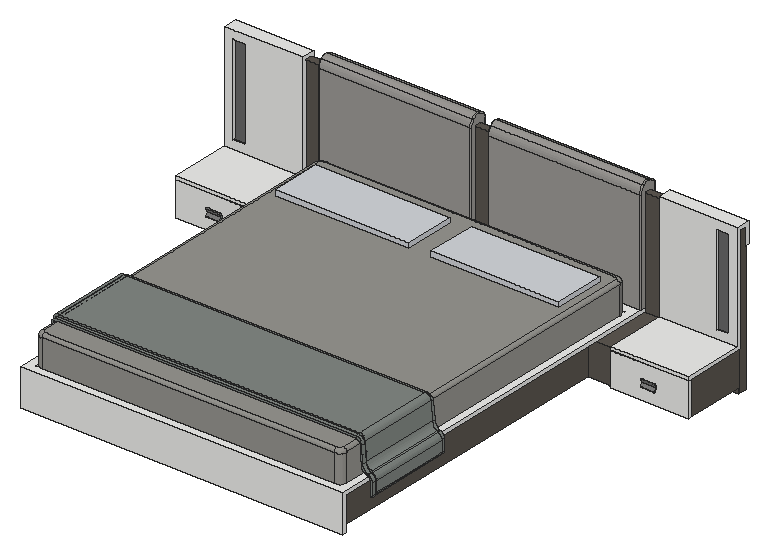
Revit family "King_Bed_Set", category Furniture, Revit 2021
Family settings
  OmniClass Number = 23.40.20.00
  OmniClass Title = General Furniture and Specialties
  Work Plane-Based = No
  Always vertical = Yes
  Cut with Voids When Loaded = No
  Shared = No
  Room Calculation Point = No
Parameters
  Default Elevation = 0.00 cm
Reference planes (cm)
  plane 1 "Center (Front/Back)": y = 0
  plane 2: z = 0
  plane 3 "Center (Left/Right)": x = 0
Forms (cm)
  Extrusion 1, solid, material "1 WOOD"
    sketch origin (-83.7652, -95.25, 55.18) x (0, 0, -1) y (1, 0, 0)
      loop
        line (55.18, 234.7652) -> (-30.82, 234.7652) -> (-30.82, -67.2348) -> (55.18, -67.2348) -> (55.18, 234.7652)
    from -177.0791 to -173.0791
  Extrusion 2, solid, material "1 WOOD"
    sketch origin (-118.7252, 81.8291, 55.18) x (0, 0, -1) y (1, 0, 0)
      loop
        line (55.18, -32.2748) -> (55.18, 28.2252) -> (32.18, 28.2252) -> (32.18, -32.2748) -> (55.18, -32.2748)
      loop
        line (50.18, -31.2748) -> (50.18, 8.7252) -> (33.18, 8.7252) -> (33.18, -31.2748) -> (50.18, -31.2748)
    from 4 to 40
  Extrusion 3, solid, material "1 WOOD"
    sketch origin (-83.7652, 81.8291, 70.1) x (0, 0, -1) y (1, 0, 0)
      loop
        line (47.1, -6.2348) -> (67.1, -6.2348) -> (67.1, 173.7652) -> (47.1, 173.7652) -> (47.1, -6.2348)
    from 4 to 224.3343
  Extrusion 4, solid, material "1 WHITE WOOD"
    sketch origin (-90, 76.8291, 42.86) x (0, 0, -1) y (0, -1, 0)
      loop
        line (39.86, 221.3343) -> (17.86, 221.3343) -> (17.86, -1) -> (19.86, -1) -> (19.86, 219.3343) -> (39.86, 219.3343) -> (39.86, 221.3343)
    from -185 to 5
  Extrusion 5, void
    sketch origin (-83.7652, 81.8291, 52.24) x (0, 0, -1) y (1, 0, 0)
      loop
        line (27.24, -6.2348) -> (29.38, -6.2348) -> (29.38, 173.7652) -> (27.24, 173.7652) -> (27.24, -6.2348)
    from 12.4621 to 221.3343
  Extrusion 6, solid, material "1 cover 2"
    sketch origin (-51.5, 81.8291, 43) x (-1, 0, 0) y (0, -1, 0)
      loop
        arc (34.5, 12.4621) -> (37.3284, 13.6336) -> (38.5, 16.4621) r 4
        line (38.5, 16.4621) -> (38.5, 217.3343)
        arc (38.5, 217.3343) -> (37.3284, 220.1628) -> (34.5, 221.3343) r 4
        line (34.5, 221.3343) -> (-137.5, 221.3343)
        arc (-137.5, 221.3343) -> (-140.3284, 220.1628) -> (-141.5, 217.3343) r 4
        line (-141.5, 217.3343) -> (-141.5, 16.4621)
        arc (-141.5, 16.4621) -> (-140.3284, 13.6336) -> (-137.5, 12.4621) r 4
        line (-137.5, 12.4621) -> (34.5, 12.4621)
    from -20 to 0
  Sweep 7, void
    path in 3D
      loop
        arc (90, 65.367, 43) -> (88.8284, 68.1955, 43) -> (86, 69.367, 43) r 4
        line (86, 69.367, 43) -> (-86, 69.367, 43)
        arc (-86, 69.367, 43) -> (-88.8284, 68.1955, 43) -> (-90, 65.367, 43) r 4
        line (-90, 65.367, 43) -> (-90, -135.5052, 43)
        arc (-90, -135.5052, 43) -> (-88.8284, -138.3336, 43) -> (-86, -139.5052, 43) r 4
        line (-86, -139.5052, 43) -> (86, -139.5052, 43)
        arc (86, -139.5052, 43) -> (88.8284, -138.3336, 43) -> (90, -135.5052, 43) r 4
        line (90, -135.5052, 43) -> (90, 65.367, 43)
    profile origin (90, -35.0691, 43) x (-1, 0, 0) y (0, 0, 1)
      loop
        line (2, 0) -> (0, 0) -> (0, -2)
        arc (0, -2) -> (0.5858, -0.5858) -> (2, 0) r 2
  Extrusion 8, void
    sketch origin (-118.7252, 41.8291, 55.18) x (0, 0, 1) y (1, 0, 0)
      loop
        line (-52.18, 28.7252) -> (-55.18, 28.7252) -> (-55.18, -32.2748) -> (-52.18, -32.2748) -> (-52.18, 28.7252)
    from 0 to 35
  Extrusion 9, solid, material "1 STEEL"
    sketch origin (-118.7252, 81.8291, 53.18) x (0, 0, -1) y (1, 0, 0)
      loop
        line (50.18, -27.2748) -> (53.18, -27.2748) -> (53.18, -12.2748) -> (50.18, -12.2748) -> (50.18, -27.2748)
      loop
        line (50.18, 3.7252) -> (53.18, 3.7252) -> (53.18, 18.7252) -> (50.18, 18.7252) -> (50.18, 3.7252)
    from 32.6129 to 36.5
  Extrusion 10, solid, material "1 WHITE WOOD"
    sketch origin (-161, 81.8291, 0) x (0, 0, 1) y (0, 1, 0)
      loop
        line (3, -40) -> (3, -42) -> (22.898, -42) -> (22.898, -40) -> (3, -40)
      loop
        line (23, -42) -> (25, -42) -> (25, -6) -> (88, -6) -> (88, 2) -> (76, 2) -> (76, 0) -> (86, 0) -> (86, -4) -> (23, -4) -> (23, -42)
    from -56 to -10
  Extrusion 11, solid, material "1 WOOD"
    sketch origin (118.7252, 81.8291, 55.18) x (0, 0, -1) y (1, 0, 0)
      loop
        line (55.18, 32.2748) -> (32.18, 32.2748) -> (32.18, -28.2252) -> (55.18, -28.2252) -> (55.18, 32.2748)
      loop
        line (50.18, 31.2748) -> (33.18, 31.2748) -> (33.18, -8.7252) -> (50.18, -8.7252) -> (50.18, 31.2748)
    from 4 to 40
  Extrusion 12, void
    sketch origin (118.7252, 41.8291, 55.18) x (0, 0, 1) y (1, 0, 0)
      loop
        line (-52.18, -28.7252) -> (-52.18, 32.2748) -> (-55.18, 32.2748) -> (-55.18, -28.7252) -> (-52.18, -28.7252)
    from 0 to 35
  Extrusion 13, solid, material "1 WHITE WOOD"
    sketch origin (161, 81.8291, 0) x (0, 0, 1) y (0, -1, 0)
      loop
        line (3, 40) -> (22.898, 40) -> (22.898, 42) -> (3, 42) -> (3, 40)
      loop
        line (23, 42) -> (23, 4) -> (86, 4) -> (86, 0) -> (76, 0) -> (76, -2) -> (88, -2) -> (88, 6) -> (25, 6) -> (25, 42) -> (23, 42)
    from -56 to -10
  Extrusion 14, solid, material "1 STEEL"
    sketch origin (118.7252, 81.8291, 53.18) x (0, 0, -1) y (1, 0, 0)
      loop
        line (50.18, 27.2748) -> (50.18, 12.2748) -> (53.18, 12.2748) -> (53.18, 27.2748) -> (50.18, 27.2748)
      loop
        line (50.18, -3.7252) -> (50.18, -18.7252) -> (53.18, -18.7252) -> (53.18, -3.7252) -> (50.18, -3.7252)
    from 32.6129 to 36.5
  Extrusion 15, solid, material "1 WHITE leather"
    sketch origin (-38, 81.8291, 0) x (0, 0, 1) y (0, 1, 0)
      loop
        line (25.2, -7) -> (86, -7)
        arc (86, -7) -> (88.3168, -6.5915) -> (90.3541, -5.4152) r 6.7738
        arc (90.3541, -5.4152) -> (91.6199, -3.5735) -> (91.7563, -1.343) r 4.1811
        arc (91.7563, -1.343) -> (91.208, 0.396) -> (90.3379, 1.9985) r 9.5122
        arc (90.3379, 1.9985) -> (89.3715, 2.9482) -> (88.1108, 3.4448) r 3.3982
        arc (88.1108, 3.4448) -> (87.3652, 3.5573) -> (86.6121, 3.595) r 7.5541
        line (86.6121, 3.595) -> (76, 3.595) -> (76, 0.2) -> (86.2, 0.2) -> (86.2, -4.2) -> (25.2, -4.2) -> (25.2, -7)
    from -33 to 57
  Sweep 16, void
    path in 3D
      loop
        line (-95, 85.4241, 76) -> (-95, 85.4241, 86.6121)
        arc (-95, 85.4241, 86.6121) -> (-95, 85.3864, 87.3652) -> (-95, 85.2739, 88.1108) r 7.5541
        arc (-95, 85.2739, 88.1108) -> (-95, 84.7773, 89.3715) -> (-95, 83.8276, 90.3379) r 3.3982
        arc (-95, 83.8276, 90.3379) -> (-95, 82.2251, 91.208) -> (-95, 80.4861, 91.7563) r 9.5122
        arc (-95, 80.4861, 91.7563) -> (-95, 78.2556, 91.6199) -> (-95, 76.4139, 90.3541) r 4.1811
        arc (-95, 76.4139, 90.3541) -> (-95, 75.2376, 88.3168) -> (-95, 74.8291, 86) r 6.7738
        line (-95, 74.8291, 86) -> (-95, 74.8291, 25.2)
    profile origin (-95, 78.2556, 91.6199) x (0, -0.325568, 0.945519) y (-1, 0, 0)
      loop
        line (0, 0) -> (-0.6, 0)
        arc (-0.6, 0) -> (-0.1757, -0.1757) -> (0, -0.6) r 0.6
        line (0, -0.6) -> (0, 0)
  Sweep 17, void
    path in 3D
      loop
        line (-5, 85.4241, 76) -> (-5, 85.4241, 86.6121)
        arc (-5, 85.4241, 86.6121) -> (-5, 85.3864, 87.3652) -> (-5, 85.2739, 88.1108) r 7.5541
        arc (-5, 85.2739, 88.1108) -> (-5, 84.7773, 89.3715) -> (-5, 83.8276, 90.3379) r 3.3982
        arc (-5, 83.8276, 90.3379) -> (-5, 82.2251, 91.208) -> (-5, 80.4861, 91.7563) r 9.5122
        arc (-5, 80.4861, 91.7563) -> (-5, 78.2556, 91.6199) -> (-5, 76.4139, 90.3541) r 4.1811
        arc (-5, 76.4139, 90.3541) -> (-5, 75.2376, 88.3168) -> (-5, 74.8291, 86) r 6.7738
        line (-5, 74.8291, 86) -> (-5, 74.8291, 25.2)
    profile origin (-5, 78.2556, 91.6199) x (0, 0.325568, -0.945519) y (1, 0, 0)
      loop
        line (0, 0) -> (0, -0.6)
        arc (0, -0.6) -> (0.1757, -0.1757) -> (0.6, 0) r 0.6
        line (0.6, 0) -> (0, 0)
  Extrusion 18, solid, material "1 WHITE leather"
    sketch origin (62, 81.8291, 0) x (0, 0, 1) y (0, 1, 0)
      loop
        line (25.2, -7) -> (86, -7)
        arc (86, -7) -> (88.3168, -6.5915) -> (90.3541, -5.4152) r 6.7738
        arc (90.3541, -5.4152) -> (91.6199, -3.5735) -> (91.7563, -1.343) r 4.1811
        arc (91.7563, -1.343) -> (91.208, 0.396) -> (90.3379, 1.9985) r 9.5122
        arc (90.3379, 1.9985) -> (89.3715, 2.9482) -> (88.1108, 3.4448) r 3.3982
        arc (88.1108, 3.4448) -> (87.3652, 3.5573) -> (86.6121, 3.595) r 7.5541
        line (86.6121, 3.595) -> (76, 3.595) -> (76, 0.2) -> (86.2, 0.2) -> (86.2, -4.2) -> (25.2, -4.2) -> (25.2, -7)
    from -33 to 57
  Sweep 19, void
    path in 3D
      loop
        line (5, 85.4241, 76) -> (5, 85.4241, 86.6121)
        arc (5, 85.4241, 86.6121) -> (5, 85.3864, 87.3652) -> (5, 85.2739, 88.1108) r 7.5541
        arc (5, 85.2739, 88.1108) -> (5, 84.7773, 89.3715) -> (5, 83.8276, 90.3379) r 3.3982
        arc (5, 83.8276, 90.3379) -> (5, 82.2251, 91.208) -> (5, 80.4861, 91.7563) r 9.5122
        arc (5, 80.4861, 91.7563) -> (5, 78.2556, 91.6199) -> (5, 76.4139, 90.3541) r 4.1811
        arc (5, 76.4139, 90.3541) -> (5, 75.2376, 88.3168) -> (5, 74.8291, 86) r 6.7738
        line (5, 74.8291, 86) -> (5, 74.8291, 25.2)
    profile origin (5, 78.2556, 91.6199) x (0, -0.325568, 0.945519) y (-1, 0, 0)
      loop
        line (0, 0) -> (-0.6, 0)
        arc (-0.6, 0) -> (-0.1757, -0.1757) -> (0, -0.6) r 0.6
        line (0, -0.6) -> (0, 0)
  Sweep 20, void
    path in 3D
      loop
        line (95, 85.4241, 76) -> (95, 85.4241, 86.6121)
        arc (95, 85.4241, 86.6121) -> (95, 85.3864, 87.3652) -> (95, 85.2739, 88.1108) r 7.5541
        arc (95, 85.2739, 88.1108) -> (95, 84.7773, 89.3715) -> (95, 83.8276, 90.3379) r 3.3982
        arc (95, 83.8276, 90.3379) -> (95, 82.2251, 91.208) -> (95, 80.4861, 91.7563) r 9.5122
        arc (95, 80.4861, 91.7563) -> (95, 78.2556, 91.6199) -> (95, 76.4139, 90.3541) r 4.1811
        arc (95, 76.4139, 90.3541) -> (95, 75.2376, 88.3168) -> (95, 74.8291, 86) r 6.7738
        line (95, 74.8291, 86) -> (95, 74.8291, 25.2)
    profile origin (95, 78.2556, 91.6199) x (0, 0.325568, -0.945519) y (1, 0, 0)
      loop
        line (0, 0) -> (0, -0.6)
        arc (0, -0.6) -> (0.1757, -0.1757) -> (0.6, 0) r 0.6
        line (0.6, 0) -> (0, 0)
  Extrusion 21, solid, material "1 STEEL"
    sketch origin (-140, 81.8291, 0) x (0, 0, 1) y (0, 1, 0)
      loop
        line (12.949, -42.331) -> (15.088, -43.3284)
        arc (15.088, -43.3284) -> (15.2873, -43.2559) -> (15.2148, -43.0565) r 0.15
        line (15.2148, -43.0565) -> (13.249, -42.1399) -> (13.249, -42) -> (12.649, -42) -> (12.649, -42.1399) -> (10.6832, -43.0565)
        arc (10.6832, -43.0565) -> (10.6107, -43.2559) -> (10.81, -43.3284) r 0.15
        line (10.81, -43.3284) -> (12.949, -42.331)
    from -16 to -8
  Extrusion 22, solid, material "1 STEEL"
    sketch origin (116, 81.8291, 0) x (0, 0, 1) y (0, 1, 0)
      loop
        line (12.949, -42.331) -> (15.088, -43.3284)
        arc (15.088, -43.3284) -> (15.2873, -43.2559) -> (15.2148, -43.0565) r 0.15
        line (15.2148, -43.0565) -> (13.249, -42.1399) -> (13.249, -42) -> (12.649, -42) -> (12.649, -42.1399) -> (10.6832, -43.0565)
        arc (10.6832, -43.0565) -> (10.6107, -43.2559) -> (10.81, -43.3284) r 0.15
        line (10.81, -43.3284) -> (12.949, -42.331)
    from -16 to -8
  Extrusion 23, void
    sketch origin (-161, 75.8291, 23) x (0, 0, -1) y (-1, 0, 0)
      loop
        line (-60, -15) -> (-60, -22.3076) -> (-7, -22.3076) -> (-7, -15) -> (-60, -15)
    from 0 to 3.5
  Extrusion 24, solid, material "1 MIRROR"
    sketch origin (-161, 78.8291, 23) x (0, 0, 1) y (-1, 0, 0)
      loop
        line (60, -22.3076) -> (60, -15) -> (7, -15) -> (7, -22.3076) -> (60, -22.3076)
    from 0 to 2
  Extrusion 25, solid, material "1 MIRROR"
    sketch origin (161, 78.8291, 23) x (0, 0, 1) y (-1, 0, 0)
      loop
        line (60, 22.3076) -> (7, 22.3076) -> (7, 15) -> (60, 15) -> (60, 22.3076)
    from 0 to 2
  Extrusion 26, void
    sketch origin (161, 69.8291, 23) x (0, 0, 1) y (-1, 0, 0)
      loop
        line (60, 22.3076) -> (7, 22.3076) -> (7, 15) -> (60, 15) -> (60, 22.3076)
    from -8 to -6
  Extrusion 27, solid, material "1 cover 3"
    sketch origin (-90, -139.0052, 0) x (0, 0, 1) y (-1, 0, 0)
      loop
        arc (44.5, -1.6072) -> (43.7765, 0.2533) -> (41.9861, 1.1363) r 2.7539
        line (41.9861, 1.1363) -> (31.1571, 2.0837)
        arc (31.1571, 2.0837) -> (28.9937, 2.8181) -> (27.4138, 4.4684) r 4.806
        line (27.4138, 4.4684) -> (26.6553, 5.7822)
        arc (26.6553, 5.7822) -> (25.2885, 7.149) -> (23.4215, 7.6492) r 3.7341
        line (23.4215, 7.6492) -> (16.2095, 7.6492)
        arc (16.2095, 7.6492) -> (15.7078, 7.4414) -> (15.5, 6.9397) r 0.7095
        line (15.5, 6.9397) -> (15.5, 6.6492) -> (21.6787, 6.6492)
        arc (21.6787, 6.6492) -> (24.555, 5.8785) -> (26.6607, 3.7729) r 5.7527
        line (26.6607, 3.7729) -> (27.148, 2.9288)
        arc (27.148, 2.9288) -> (28.2985, 1.7269) -> (29.874, 1.1921) r 3.5
        line (29.874, 1.1921) -> (41.6743, 0.1597)
        arc (41.6743, 0.1597) -> (42.9746, -0.4815) -> (43.5, -1.8327) r 2
        line (43.5, -1.8327) -> (43.5, -177.7092)
        arc (43.5, -177.7092) -> (42.8432, -179.3981) -> (41.2179, -180.1997) r 2.5
        line (41.2179, -180.1997) -> (29.6147, -181.2148)
        arc (29.6147, -181.2148) -> (28.2643, -181.6732) -> (27.2781, -182.7034) r 3
        line (27.2781, -182.7034) -> (25.866, -185.1492)
        arc (25.866, -185.1492) -> (24.7679, -186.2473) -> (23.2679, -186.6492) r 3
        line (23.2679, -186.6492) -> (15.5, -186.6492) -> (15.5, -186.8519)
        arc (15.5, -186.8519) -> (15.7335, -187.4157) -> (16.2973, -187.6492) r 0.7973
        line (16.2973, -187.6492) -> (23.2679, -187.6492)
        arc (23.2679, -187.6492) -> (25.2679, -187.1133) -> (26.7321, -185.6492) r 4
        line (26.7321, -185.6492) -> (27.2332, -184.7813)
        arc (27.2332, -184.7813) -> (29.0412, -182.8926) -> (31.5169, -182.0522) r 5.5
        line (31.5169, -182.0522) -> (41.305, -181.1959)
        arc (41.305, -181.1959) -> (43.5805, -180.0737) -> (44.5, -177.7092) r 3.5
        line (44.5, -177.7092) -> (44.5, -1.6072)
    from -65.5355 to -12.8723
  Extrusion 28, solid, material "1 cover 3"
    sketch origin (-90, -139.0052, 1.5) x (0, 0, 1) y (-1, 0, 0)
      loop
        arc (44.25, -1.0853) -> (43.5265, 0.7752) -> (41.7361, 1.6581) r 2.7539
        line (41.7361, 1.6581) -> (30.6305, 2.6298)
        arc (30.6305, 2.6298) -> (28.4671, 3.3641) -> (26.8872, 5.0145) r 4.806
        line (26.8872, 5.0145) -> (26.1553, 6.2822)
        arc (26.1553, 6.2822) -> (24.7885, 7.649) -> (22.9215, 8.1492) r 3.7341
        line (22.9215, 8.1492) -> (15.7095, 8.1492)
        arc (15.7095, 8.1492) -> (15.2078, 7.9414) -> (15, 7.4397) r 0.7095
        line (15, 7.4397) -> (15, 7.1492) -> (21.1787, 7.1492)
        arc (21.1787, 7.1492) -> (24.055, 6.3785) -> (26.1607, 4.2729) r 5.7527
        line (26.1607, 4.2729) -> (26.6214, 3.4749)
        arc (26.6214, 3.4749) -> (27.7719, 2.273) -> (29.3474, 1.7382) r 3.5
        line (29.3474, 1.7382) -> (41.4243, 0.6816)
        arc (41.4243, 0.6816) -> (42.7246, 0.0404) -> (43.25, -1.3108) r 2
        line (43.25, -1.3108) -> (43.25, -178.4045)
        arc (43.25, -178.4045) -> (42.5932, -180.0935) -> (40.9679, -180.895) r 2.5
        line (40.9679, -180.895) -> (28.7397, -181.9648)
        arc (28.7397, -181.9648) -> (27.3893, -182.4232) -> (26.4031, -183.4534) r 3
        line (26.4031, -183.4534) -> (25.1354, -185.6492)
        arc (25.1354, -185.6492) -> (23.8543, -186.9303) -> (22.1043, -187.3992) r 3.5
        line (22.1043, -187.3992) -> (15.25, -187.3992) -> (15.25, -187.6019)
        arc (15.25, -187.6019) -> (15.4835, -188.1657) -> (16.0473, -188.3992) r 0.7973
        line (16.0473, -188.3992) -> (22.3929, -188.3992)
        arc (22.3929, -188.3992) -> (24.3929, -187.8633) -> (25.8571, -186.3992) r 4
        line (25.8571, -186.3992) -> (26.3582, -185.5313)
        arc (26.3582, -185.5313) -> (28.1662, -183.6426) -> (30.6419, -182.8022) r 5.5
        line (30.6419, -182.8022) -> (41.055, -181.8912)
        arc (41.055, -181.8912) -> (43.3305, -180.7691) -> (44.25, -178.4045) r 3.5
        line (44.25, -178.4045) -> (44.25, -1.0853)
    from -62.8696 to -14.908
  Extrusion 29, solid
    sketch origin (-51.5, 81.8291, 23) x (0, -1, 0) y (-1, 0, 0)
      loop
        line (22.9407, -135.0427) -> (52.9407, -135.0427) -> (52.9407, -59.6724) -> (22.9407, -59.6724) -> (22.9407, -135.0427)
      loop
        line (22.9407, 32.0427) -> (22.9407, -46.5) -> (52.9407, -46.5) -> (52.9407, 32.0427) -> (22.9407, 32.0427)
    from -22.9292 to -19.9559
Cuts and joins
  Extrusion 5 cuts Extrusion 4
  Sweep 7 cuts Extrusion 6
  Extrusion 8, Extrusion 12 cuts Extrusion 2
  Extrusion 12 cuts Extrusion 9
  Extrusion 12 cuts Extrusion 11
  Sweep 16, Sweep 17, Sweep 19, Sweep 20 cuts Extrusion 15
  Sweep 19, Sweep 20 cuts Extrusion 18
  Extrusion 23 cuts Extrusion 1
  Extrusion 23 cuts Extrusion 10
  Extrusion 26 cuts Extrusion 13
Lines and regions (cm)
  sketch lines
    curve 1: line (90, -135.5052, 43) -> (90, 65.367, 43)
    curve 2: arc (90, -135.5052, 43) -> (88.8284, -138.3336, 43) -> (86, -139.5052, 43) r 4
    curve 3: line (-86, -139.5052, 43) -> (86, -139.5052, 43)
    curve 4: arc (-86, -139.5052, 43) -> (-88.8284, -138.3336, 43) -> (-90, -135.5052, 43) r 4
    curve 5: line (-90, 65.367, 43) -> (-90, -135.5052, 43)
    curve 6: arc (-90, 65.367, 43) -> (-88.8284, 68.1955, 43) -> (-86, 69.367, 43) r 4
    curve 7: line (86, 69.367, 43) -> (-86, 69.367, 43)
    curve 8: arc (86, 69.367, 43) -> (88.8284, 68.1955, 43) -> (90, 65.367, 43) r 4
    curve 9: arc (-95, 80.4861, 91.7563) -> (-95, 78.2556, 91.6199) -> (-95, 76.4139, 90.3541) r 4.1811
    curve 10: arc (-95, 76.4139, 90.3541) -> (-95, 75.2376, 88.3168) -> (-95, 74.8291, 86) r 6.7738
    curve 11: arc (-95, 83.8276, 90.3379) -> (-95, 82.2251, 91.208) -> (-95, 80.4861, 91.7563) r 9.5122
    curve 12: arc (-95, 85.2739, 88.1108) -> (-95, 84.7773, 89.3715) -> (-95, 83.8276, 90.3379) r 3.3982
    curve 13: arc (-95, 85.4241, 86.6121) -> (-95, 85.3864, 87.3652) -> (-95, 85.2739, 88.1108) r 7.5541
    curve 14: line (-95, 74.8291, 25.2) -> (-95, 74.8291, 86)
    curve 15: line (-95, 85.4241, 86.6121) -> (-95, 85.4241, 76)
    curve 16: arc (-5, 80.4861, 91.7563) -> (-5, 78.2556, 91.6199) -> (-5, 76.4139, 90.3541) r 4.1811
    curve 17: arc (-5, 76.4139, 90.3541) -> (-5, 75.2376, 88.3168) -> (-5, 74.8291, 86) r 6.7738
    curve 18: arc (-5, 83.8276, 90.3379) -> (-5, 82.2251, 91.208) -> (-5, 80.4861, 91.7563) r 9.5122
    curve 19: arc (-5, 85.2739, 88.1108) -> (-5, 84.7773, 89.3715) -> (-5, 83.8276, 90.3379) r 3.3982
    curve 20: arc (-5, 85.4241, 86.6121) -> (-5, 85.3864, 87.3652) -> (-5, 85.2739, 88.1108) r 7.5541
    curve 21: line (-5, 74.8291, 25.2) -> (-5, 74.8291, 86)
    curve 22: line (-5, 85.4241, 86.6121) -> (-5, 85.4241, 76)
    curve 23: arc (5, 80.4861, 91.7563) -> (5, 78.2556, 91.6199) -> (5, 76.4139, 90.3541) r 4.1811
    curve 24: arc (5, 76.4139, 90.3541) -> (5, 75.2376, 88.3168) -> (5, 74.8291, 86) r 6.7738
    curve 25: arc (5, 83.8276, 90.3379) -> (5, 82.2251, 91.208) -> (5, 80.4861, 91.7563) r 9.5122
    curve 26: arc (5, 85.2739, 88.1108) -> (5, 84.7773, 89.3715) -> (5, 83.8276, 90.3379) r 3.3982
    curve 27: arc (5, 85.4241, 86.6121) -> (5, 85.3864, 87.3652) -> (5, 85.2739, 88.1108) r 7.5541
    curve 28: line (5, 74.8291, 25.2) -> (5, 74.8291, 86)
    curve 29: line (5, 85.4241, 86.6121) -> (5, 85.4241, 76)
    curve 30: arc (95, 80.4861, 91.7563) -> (95, 78.2556, 91.6199) -> (95, 76.4139, 90.3541) r 4.1811
    curve 31: arc (95, 76.4139, 90.3541) -> (95, 75.2376, 88.3168) -> (95, 74.8291, 86) r 6.7738
    curve 32: arc (95, 83.8276, 90.3379) -> (95, 82.2251, 91.208) -> (95, 80.4861, 91.7563) r 9.5122
    curve 33: arc (95, 85.2739, 88.1108) -> (95, 84.7773, 89.3715) -> (95, 83.8276, 90.3379) r 3.3982
    curve 34: arc (95, 85.4241, 86.6121) -> (95, 85.3864, 87.3652) -> (95, 85.2739, 88.1108) r 7.5541
    curve 35: line (95, 74.8291, 25.2) -> (95, 74.8291, 86)
    curve 36: line (95, 85.4241, 86.6121) -> (95, 85.4241, 76)
  model lines
    curve 37: line (-83.5427, 58.8884, 0) -> (-3.5427, 58.8884, 0)
    curve 38: line (-83.5427, 28.8884, 0) -> (-83.5427, 58.8884, 0)
    curve 39: line (-3.5427, 28.8884, 0) -> (-83.5427, 28.8884, 0)
    curve 40: line (-3.5427, 58.8884, 0) -> (-3.5427, 28.8884, 0)
    curve 41: line (83.5427, 58.8884, 0) -> (3.5427, 58.8884, 0)
    curve 42: line (83.5427, 28.8884, 0) -> (83.5427, 58.8884, 0)
    curve 43: line (3.5427, 28.8884, 0) -> (83.5427, 28.8884, 0)
    curve 44: line (3.5427, 58.8884, 0) -> (3.5427, 28.8884, 0)
Dimensions and locks (cm)
  aligned and locked: level to plane 2
